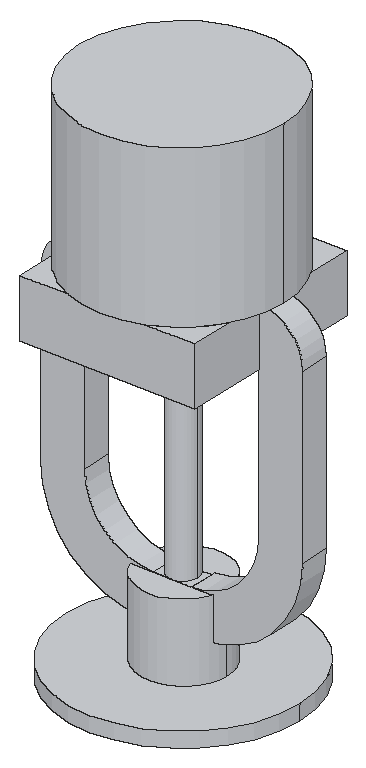
Revit family
Parameters (values of type "RASCO F156 PENDENT")
  Temperature Rating = 360 °F
  Response = (empty or 0)
  RASCO SIN # = "RA1314"
  RASCO Part # = "F56P6B"
  Pressure Rating = "175 PSI"
  Pressure Class = (empty or 0)
  Orifice Size = 1/2"
  Orifice = (empty or 0)
  Model = "F156"
  Manufacturer = "RASCO"
  K-Factor = 5.6
  Description = "Bronze Finish"
  Coverage = (empty or 0)
Reference planes (in)
  plane 1 "Center (Front/Back)": y = 0
  plane 2: z = 0
  plane 3 "Center (Left/Right)": x = 0
Dimensions and locks (in)
  aligned and locked: plane 2 to level
Nested families (in)
  nested 1: "F56P6B" at (-0.0113, 0, 2.4375) x (-1, 0, 0) z (0, 0, -1), type "RASCO F156 PENDENT"
Connectors (in)
  piping at (-0.0113, 0, 2.4375)
    settings: on nested 1, index 1, connector radius 55/128", flow factor 0, pipe flow 0 GPM, pressure drop 0.00 psi, fitting loss kfactor 0, connector angle 0.00°, fixture units 0, flow configuration 0, flow direction 0, fitting loss method 0, system type 7, connector reference index -1, connector utility 0, adjustable connector no, is connector primary yes, fitting loss table "", connector description ""
Definition of nested family "F56P6B"
  Parameters (values of type "RASCO F156 PENDENT")
    Type Comments = ""
    Temperature Rating = 0 °F
    Response = (empty or 0)
    Pressure Rating = "0"
    Pressure Class = (empty or 0)
    Orifice Size = 0"
    Orifice = (empty or 0)
    Model = ""
    Manufacturer = ""
    K-Factor = 0
    Description = ""
    Coverage = (empty or 0)
    Assembly Code = ""
  Reference planes (in)
    plane 1 "Center (Front/Back)": y = 0
    plane 2: z = 0
    plane 3 "ref.2": z = 0.6875
    plane 4 "ref.3": z = 0.9375
    plane 5: x = -0.38065
    plane 6: x = 0.36935
    plane 7 "ref. side 1": y = 0.06402
    plane 8 "ref. side 2": y = -0.06098
    plane 9 "ref.4": z = 1.875
    plane 10 "ref.5": z = 2.3125
    plane 11 "ref.6": z = 2.4375
  Forms (in)
    Extrusion 1, solid
      sketch origin (0, 0, 0) x (1, 0, 0) y (0, 1, 0)
        loop
          circle (0, 0) r 0.4379
      from 0 to 0.6875
    Extrusion 2, solid
      sketch origin (-0.12185, 0.05177, 0.6875) x (1, 0, 0) y (0, 1, 0)
        loop
          line (-0.2588, 0.356) -> (-0.2588, -0.4565) -> (0.4912, -0.4565) -> (0.4912, 0.356) -> (-0.2588, 0.356)
      from 0 to 0.25
    Extrusion 3, solid
      sketch origin (0, 0, 0) x (1, 0, 0) y (0, 0, 1)
        loop
          line (-0.38065, 0.68754) -> (-0.38065, 1.58397)
          arc (-0.38065, 1.58397) -> (-0.29541, 1.78976) -> (-0.08962, 1.875) r 0.29103
          line (-0.08962, 1.875) -> (0.07524, 1.875)
          arc (0.07524, 1.875) -> (0.28321, 1.78886) -> (0.36935, 1.58089) r 0.29411
          line (0.36935, 1.58089) -> (0.36935, 0.68751)
          arc (0.36935, 0.68751) -> (0.50207, 0.74393) -> (0.55685, 0.87734) r 0.18984
          line (0.55685, 0.87734) -> (0.55685, 1.61676)
          arc (0.55685, 1.61676) -> (0.42629, 1.93194) -> (0.11111, 2.0625) r 0.44574
          line (0.11111, 2.0625) -> (-0.12259, 2.0625)
          arc (-0.12259, 2.0625) -> (-0.43765, 1.932) -> (-0.56815, 1.61694) r 0.44556
          line (-0.56815, 1.61694) -> (-0.56815, 0.87876)
          arc (-0.56815, 0.87876) -> (-0.51345, 0.74486) -> (-0.38065, 0.68754) r 0.19126
      from -0.06402 to 0.06098
    Extrusion 4, solid
      sketch origin (0, 0, 0.9375) x (-1, 0, 0) y (0, -1, 0)
        loop
          circle (0.00574, -0.00152) r 0.0625
      from 0 to 0.9375
    Extrusion 5, solid
      sketch origin (0, 0, 1.875) x (-1, 0, 0) y (0, -1, 0)
        loop
          circle (0.00574, -0.00152) r 0.1875
      from 0 to 0.4375
    Extrusion 6, solid
      sketch origin (0, 0, 2.3125) x (0, -1, 0) y (1, 0, 0)
        loop
          circle (-0.00152, -0.00574) r 0.5
      from -0.10531 to -0.03987
  Cuts and joins
    joined: Extrusion 1, Extrusion 2, Extrusion 4
  Lines and regions (in)
    model lines
      curve 1: line (-0.00574, 0.06402, 1.875) -> (-0.00574, -0.06098, 1.875)
